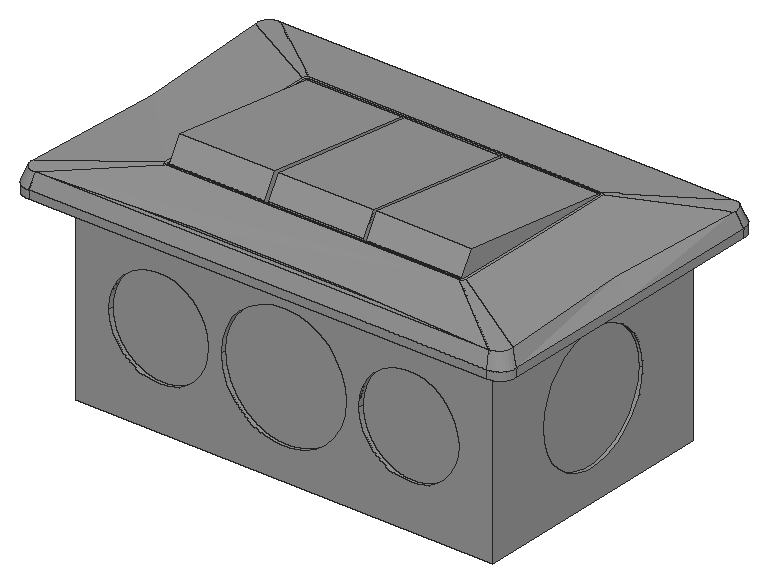
Revit family "PLACA VETO OSLO", category Electrical Fixtures, host Face, Revit 2023 (continued)
Definition of nested family "TOMACORRIENTES SIMPLE"
  Parameters (values of type "TOMACORRIENTES SIMPLE")
    ANCHO RECEPTACULO = 41.0 mm
    ANCHO CONECTOR 2 = 40.0 mm
    ANCHO CONECTOR 1 = 35.0 mm
    ANCHO BASE = 43.0 mm
  Reference planes
    plane 1 "Center (Front/Back)": y = 0
    plane 2: z = 0
    plane 3 "Center (Left/Right)": x = 0
    plane 4: x = -17.25
    plane 5: x = 17.25
    plane 6: y = -20.5
    plane 7: y = 20.5
    plane 8: y = 9.5
    plane 9: y = 6.9
    plane 10: y = -5
    plane 11: y = -9.5
    plane 12: y = -0.5
    plane 13: y = -1.5
    plane 14: y = -8.5
    plane 15 "PLANO 1": z = -5
    plane 16 "PLANO 3": z = -13
    plane 17: z = -12
    plane 18: z = 8
    plane 19: x = -7.5
    plane 20: x = -9.7
    plane 21: x = 3
    plane 22: x = 5.2
    plane 23: x = -4.9
    plane 24: x = 0.4
    plane 25: x = -2.25
    plane 26: y = 21.5
    plane 27: y = -21.5
    plane 28: x = 53.25
    plane 29: x = -17.75
    plane 30: y = 17.5
    plane 31: y = -17.5
    plane 32: y = -20
    plane 33: y = 20
    plane 34: x = -12.25
    plane 35: x = 9.25
    plane 36: x = 24.25
    plane 37: x = 52.75
    plane 38: x = 8.25
    plane 39: x = -11.25
    plane 40: z = -24
    plane 41: x = -1.5
    plane 42: x = 38.5
    plane 43: z = -25
    plane 44: z = -30
  Forms (mm)
    Extrusion 1, solid, material <- "MATERIAL_1"
      sketch origin (0, 0, 0) x (1, 0, 0) y (0, 1, 0)
        loop
          line (-17.25, 20.5) -> (-17.25, -20.5) -> (17.25, -20.5) -> (17.25, 20.5) -> (-17.25, 20.5)
        loop
          line (0.4, 9.5) -> (-4.9, 9.5) -> (-4.9, 6.9)
          arc (-4.9, 6.9) -> (-2.25, 4.25) -> (0.4, 6.9) r 2.65
          line (0.4, 6.9) -> (0.4, 9.5)
        loop
          line (5.2, -0.5) -> (3, -0.5) -> (3, -9.5) -> (5.2, -9.5) -> (5.2, -0.5)
        loop
          line (-7.5, -1.5) -> (-9.7, -1.5) -> (-9.7, -8.5) -> (-7.5, -8.5) -> (-7.5, -1.5)
      from 0 to 8
    Extrusion 2, solid, material <- "MATERIAL_1"
      sketch origin (0, 0, 0) x (1, 0, 0) y (0, 1, 0)
        loop
          line (-17.75, 21.5) -> (-17.75, -21.5) -> (53.25, -21.5) -> (53.25, 21.5) -> (-17.75, 21.5)
      from 0 to -5
    Extrusion 3, solid, material <- "MATERIAL_1"
      sketch origin (0, 0, 0) x (1, 0, 0) y (0, 1, 0)
        loop
          line (9.25, 17.5) -> (-12.25, 17.5) -> (-12.25, -17.5) -> (9.25, -17.5) -> (9.25, 17.5)
      from -5 to -13
    Extrusion 4, solid, material <- "MATERIAL_1"
      sketch origin (0, 0, 0) x (1, 0, 0) y (0, 1, 0)
        loop
          line (52.75, 20) -> (24.25, 20) -> (24.25, -20) -> (52.75, -20) -> (52.75, 20)
      from -5 to -12
    Extrusion 5, solid, material <- "MATERIAL_1"
      sketch origin (0, 0, -13) x (-1, 0, 0) y (0, -1, 0)
        loop
          line (11.25, -0.5) -> (11.25, 11) -> (-8.25, 11) -> (-8.25, -0.5) -> (11.25, -0.5)
      from 0 to -11
    Extrusion 6, solid, material <- "MATERIAL_1"
      sketch origin (0, 0, -13) x (-1, 0, 0) y (0, -1, 0)
        loop
          line (6.694, -12.5) -> (6.694, -3) -> (-3.694, -3) -> (-3.694, -12.5) -> (6.694, -12.5)
      from 0 to -12
    Extrusion 7, solid, material <- "MATERIAL_1"
      sketch origin (0, 0, -13) x (-1, 0, 0) y (0, -1, 0)
        loop
          line (-32.75, -14.5) -> (-32.75, 14.5) -> (-44.25, 14.5) -> (-44.25, -14.5) -> (-32.75, -14.5)
      from 1 to -17
  Dimensions and locks
    equal spacing: plane 4, plane 3 "Center (Left/Right)", plane 5
    equal spacing: plane 7, plane 1 "Center (Front/Back)", plane 6
    "ANCHO RECEPTACULO": plane 7 to plane 6
    "LONGITUD RECEPTACULO": plane 4 to plane 5
    equal spacing: plane 12, plane 10, plane 11
    equal spacing: plane 13, plane 10, plane 14
    "ESPESOR BASE": plane 2 to plane 15 "PLANO 1"
    "ESPESOR CONECTOR": plane 15 "PLANO 1" to plane 16 "PLANO 3"
    "ESPESOR": plane 18 to plane 2
    equal spacing: plane 23, plane 25, plane 24
    equal spacing: plane 19, plane 25, plane 21
    "LARGO NEGATIVO": plane 14 to plane 13
    "LARGO POSITIVO": plane 11 to plane 12
    equal spacing: plane 20, plane 25, plane 22
    "ANCHO RANURA": plane 21 to plane 22
    "SEP RANURAS": plane 19 to plane 21
    "SEP": plane 10 to plane 8
    "SEP BORDE 2": plane 4 to plane 25
    "SEP BORDE": plane 8 to plane 7
    "LARGO TIERRA": plane 9 to plane 8
    "ANCHO TIERRA": plane 23 to plane 24
    equal spacing: plane 26, plane 1 "Center (Front/Back)", plane 27
    "ANCHO BASE": plane 26 to plane 27
    "OFFSET": plane 29 to plane 4
    "LARGO BASE": plane 29 to plane 28
    equal spacing: plane 30, plane 1 "Center (Front/Back)", plane 31
    equal spacing: plane 33, plane 1 "Center (Front/Back)", plane 32
    "ANCHO CONECTOR 1": plane 30 to plane 31
    "ANCHO CONECTOR 2": plane 33 to plane 32
    "OFFSET": plane 37 to plane 28
    "LARGO CONECTOR 1": plane 34 to plane 35
    "OFFSET 2": plane 29 to plane 34
    "SEP 2": plane 35 to plane 36
    "ESPESOR CONECTOR 2": plane 15 "PLANO 1" to plane 17
    plane 34 to plane 35 = 21.5 mm
    "X1": plane 39 to plane 38
    "X2": Extrusion 5 sketch curve to Extrusion 5 sketch curve
    "X3": Extrusion 5 sketch curve to plane 31
    "Y1": plane 16 "PLANO 3" to plane 40
    "X5": Extrusion 6 sketch curve to Extrusion 6 sketch curve
    "X4": Extrusion 6 sketch curve to Extrusion 6 sketch curve
    equal spacing: plane 34, plane 41, plane 35
    equal spacing: plane 36, plane 42, plane 37
    equal spacing: plane 39, plane 41, plane 38
    equal spacing: Extrusion 6 sketch curve, plane 41, Extrusion 6 sketch curve
    "X6": plane 30 to Extrusion 6 sketch curve
    "Y2": plane 17 to plane 43
    equal spacing: Extrusion 7 sketch curve, plane 42, Extrusion 7 sketch curve
    equal spacing: Extrusion 7 sketch curve, plane 1 "Center (Front/Back)", Extrusion 7 sketch curve
    "X8": Extrusion 7 sketch curve to Extrusion 7 sketch curve
    "X7": Extrusion 7 sketch curve to Extrusion 7 sketch curve
    "Y3": plane 17 to plane 44
    aligned and locked: level to plane 2
    aligned and locked: Extrusion 1 sketch curve to plane 7
    aligned and locked: plane 6 to Extrusion 1 sketch curve
    aligned and locked: Extrusion 1 sketch curve to plane 5
    aligned and locked: Extrusion 1 sketch curve to plane 9
    aligned and locked: plane 11 to Extrusion 1 sketch curve
    aligned and locked: Extrusion 1 sketch curve to plane 12
    aligned and locked: plane 14 to Extrusion 1 sketch curve
    aligned and locked: Extrusion 1 sketch curve to plane 13
    aligned and locked: Extrusion 1 sketch curve to plane 8
    aligned and locked: plane 18 to Extrusion 1
    aligned and locked: Extrusion 1 to plane 2
    aligned and locked: plane 20 to Extrusion 1 sketch curve
    aligned and locked: Extrusion 1 sketch curve to plane 19
    aligned and locked: plane 21 to Extrusion 1 sketch curve
    aligned and locked: Extrusion 1 sketch curve to plane 22
    aligned and locked: plane 23 to Extrusion 1 sketch curve
    aligned and locked: Extrusion 1 sketch curve to plane 24
    aligned and locked: Extrusion 2 sketch curve to plane 26
    aligned and locked: plane 29 to Extrusion 2 sketch curve
    aligned and locked: plane 27 to Extrusion 2 sketch curve
    aligned and locked: Extrusion 2 sketch curve to plane 28
    aligned and locked: Extrusion 2 to plane 2
    aligned and locked: Extrusion 2 to plane 15 "PLANO 1"
    aligned and locked: Extrusion 3 to plane 15 "PLANO 1"
    aligned and locked: Extrusion 3 to plane 16 "PLANO 3"
    aligned and locked: plane 33 to Extrusion 4 sketch curve
    aligned and locked: plane 37 to Extrusion 4 sketch curve
    aligned and locked: Extrusion 4 sketch curve to plane 32
    aligned and locked: Extrusion 4 sketch curve to plane 36
    aligned and locked: plane 15 "PLANO 1" to Extrusion 4
    aligned and locked: Extrusion 4 to plane 17
    aligned and locked: plane 39 to Extrusion 5 sketch curve
    aligned and locked: Extrusion 5 sketch curve to plane 38
    aligned and locked: Extrusion 5 to plane 40
    aligned and locked: Extrusion 6 to plane 43
    aligned and locked: plane 17 to Extrusion 7
    aligned and locked: Extrusion 7 to plane 44
  Automatic sketch dimensions
    Extrusion 3 sketch curve to plane 30 = 0.0 mm
    Extrusion 3 sketch curve to plane 34 = 0.0 mm
    Extrusion 3 sketch curve to plane 31 = 0.0 mm
    Extrusion 3 sketch curve to plane 35 = 0.0 mm
    Extrusion 1 sketch curve to plane 4 = 0.0 mm
  Connectors
    electrical at (0, 0, 8)
      settings: on Extrusion 1, index 1, voltage 125 V, apparent load 0 VA, apparent load phase1 0 VA, apparent load phase2 0 VA, apparent load phase3 0 VA, power factor 1, load classification none, number of poles 1, system type 31, power factor state 1, is connector primary yes, connector utility no, sub classification motor no, connector description ""
Definition of nested family "TOMACORRIENTES GFCI"
  Parameters (values of type "TOMACORRIENTES GFCI")
    x = 10.0 mm
    Y = 5.0 mm
    X4 = 2.0 mm
    X3 = 27.0 mm
    X2 = 15.0 mm
    X1 = 5.0 mm
    SEP TIERRAS = 42.5 mm
    SEP TEST = 3.5 mm
    SEP RANURAS = 10.5 mm
    SEP BORDE = 2.5 mm
    SEP = 14.5 mm
    RADIO_2 = 4.0 mm
    RADIO_1 = 1.0 mm
    OFFSET = 1.0 mm
    MATERIAL_3 [instance] = none
    MATERIAL_2 [instance] = none
    MATERIAL_1 [instance] = none
    LONGITUD RECEPTACULO = 66.0 mm
    LARGO TIERRA = 2.6 mm
    LARGO POSITIVO = 9.0 mm
    LARGO NEGATIVO = 7.0 mm
    LARGO CONECTOR = 63.0 mm
    LARGO BASE = 68.5 mm
    INCLUIR EN LISTADO = no
    H4 = 1.2 mm
    H3 = 1.0 mm
    H2 = 3.0 mm
    H1 = 4.0 mm
    ESPESOR CONECTOR = 27.5 mm
    ESPESOR BASE = 6.5 mm
    ESPESOR = 8.0 mm
    E1 = 3.0 mm
    Default Elevation = 1219.2 mm
    BORDE TEST = 25.0 mm
    ANCHO TIERRA = 5.3 mm
    ANCHO TEST = 6.0 mm
    ANCHO RANURA = 2.2 mm
    ANCHO CONECTOR = 30.0 mm
    ANCHO BASE = 42.5 mm
    ANCHO RECEPTACULO = 36.0 mm
    A3 = 2.0 mm
    A2 = 8.243 mm
    A1 = 31.0 mm
  Reference planes
    plane 1 "Center (Front/Back)": y = 0
    plane 2: z = 0
    plane 3 "Center (Left/Right)": x = 0
    plane 4: x = -33
    plane 5: x = 33
    plane 6: y = -18
    plane 7: y = 18
    plane 8: x = -34.25
    plane 9: x = 34.25
    plane 10: y = 21.25
    plane 11: y = -21.25
    plane 12: y = 15
    plane 13: y = -15
    plane 14: y = 2.65
    plane 15: y = -2.65
    plane 16: x = -30.5
    plane 17: x = -27.9
    plane 18: x = -16
    plane 19: x = -11.5
    plane 20: x = -20.5
    plane 21: y = 7.45
    plane 22: y = 5.25
    plane 23: y = -5.25
    plane 24: y = -7.45
    plane 25: x = -19.5
    plane 26: x = -12.5
    plane 27: x = 12
    plane 28: x = 14.6
    plane 29: x = 22
    plane 30: x = 31
    plane 31: x = 23
    plane 32: x = 30
    plane 33: x = 26.5
    plane 34 "PLANO 1": z = -6.5
    plane 35: x = -31.5
    plane 36: x = 31.5
    plane 37: x = -29.25
    plane 38: x = -14.25
    plane 39: x = 12.75
    plane 40: x = 27.75
    plane 41: y = -16.25
    plane 42: y = 16.25
    plane 43 "PLANO 3": z = -34
    plane 44: z = 8
    plane 45: x = -2
    plane 46: x = -8
    plane 47: y = -6.35
    plane 48: y = 6.35
    plane 49: x = 1.5
    plane 50: x = 7.5
    plane 51: x = -27.25
    plane 52: x = -16.25
    plane 53: x = 14.75
    plane 54: x = 25.75
    plane 55: z = -16.5
    plane 56: z = 9
  Forms (mm)
    Extrusion 1, solid, material <- "MATERIAL_1"
      sketch origin (0, 0, 0) x (1, 0, 0) y (0, 1, 0)
        loop
          arc (-30.25, 21.25) -> (-33.078, 20.078) -> (-34.25, 17.25) r 4
          line (-34.25, 17.25) -> (-34.25, -17.25)
          arc (-34.25, -17.25) -> (-33.078, -20.078) -> (-30.25, -21.25) r 4
          line (-30.25, -21.25) -> (30.25, -21.25)
          arc (30.25, -21.25) -> (33.078, -20.078) -> (34.25, -17.25) r 4
          line (34.25, -17.25) -> (34.25, 17.25)
          arc (34.25, 17.25) -> (33.078, 20.078) -> (30.25, 21.25) r 4
          line (30.25, 21.25) -> (-30.25, 21.25)
      from 0 to -6.5
    Extrusion 2, solid, material <- "MATERIAL_1"
      sketch origin (0, 0, 0) x (1, 0, 0) y (0, 1, 0)
        loop
          arc (-32, 18) -> (-32.707, 17.707) -> (-33, 17) r 1
          line (-33, 17) -> (-33, -17)
          arc (-33, -17) -> (-32.707, -17.707) -> (-32, -18) r 1
          line (-32, -18) -> (32, -18)
          arc (32, -18) -> (32.707, -17.707) -> (33, -17) r 1
          line (33, -17) -> (33, 17)
          arc (33, 17) -> (32.707, 17.707) -> (32, 18) r 1
          line (32, 18) -> (-32, 18)
        loop
          line (-30.5, 2.65) -> (-30.5, -2.65) -> (-27.9, -2.65)
          arc (-27.9, -2.65) -> (-25.25, 0) -> (-27.9, 2.65) r 2.65
          line (-27.9, 2.65) -> (-30.5, 2.65)
        loop
          line (-20.5, 7.45) -> (-20.5, 5.25) -> (-11.5, 5.25) -> (-11.5, 7.45) -> (-20.5, 7.45)
        loop
          line (-19.5, -5.25) -> (-19.5, -7.45) -> (-12.5, -7.45) -> (-12.5, -5.25) -> (-19.5, -5.25)
        loop
          line (12, 2.65) -> (12, -2.65) -> (14.6, -2.65)
          arc (14.6, -2.65) -> (17.25, 0) -> (14.6, 2.65) r 2.65
          line (14.6, 2.65) -> (12, 2.65)
        loop
          line (22, 7.45) -> (22, 5.25) -> (31, 5.25) -> (31, 7.45) -> (22, 7.45)
        loop
          line (23, -5.25) -> (23, -7.45) -> (30, -7.45) -> (30, -5.25) -> (23, -5.25)
        loop
          line (-8, 6.35) -> (-8, -6.35) -> (-2, -6.35) -> (-2, 6.35) -> (-8, 6.35)
        loop
          line (1.5, 6.35) -> (1.5, -6.35) -> (7.5, -6.35) -> (7.5, 6.35) -> (1.5, 6.35)
      from 0 to 8
    Extrusion 3, solid, material <- "MATERIAL_2"
      sketch origin (0, 0, -6.5) x (-1, 0, 0) y (0, -1, 0)
        loop
          arc (34.25, 17.25) -> (33.078, 20.078) -> (30.25, 21.25) r 4
          line (30.25, 21.25) -> (29.25, 21.25) -> (27.25, 16.25) -> (16.25, 16.25) -> (14.25, 21.25) -> (-12.75, 21.25) -> (-14.75, 16.25) -> (-25.75, 16.25) -> (-27.75, 21.25) -> (-30.25, 21.25)
          arc (-30.25, 21.25) -> (-33.078, 20.078) -> (-34.25, 17.25) r 4
          line (-34.25, 17.25) -> (-34.25, -17.25)
          arc (-34.25, -17.25) -> (-33.078, -20.078) -> (-30.25, -21.25) r 4
          line (-30.25, -21.25) -> (-27.75, -21.25) -> (-25.75, -16.25) -> (-14.75, -16.25) -> (-12.75, -21.25) -> (14.25, -21.25) -> (16.25, -16.25) -> (27.25, -16.25) -> (29.25, -21.25) -> (30.25, -21.25)
          arc (30.25, -21.25) -> (33.078, -20.078) -> (34.25, -17.25) r 4
          line (34.25, -17.25) -> (34.25, 17.25)
      from 0 to -27.5
    Extrusion 4, solid, material <- "MATERIAL_2"
      sketch origin (0, 0, -6.5) x (-1, 0, 0) y (0, -1, 0)
        loop
          line (29.25, -21.25) -> (27.25, -16.25) -> (16.25, -16.25) -> (14.25, -21.25) -> (29.25, -21.25)
        loop
          line (-12.75, -21.25) -> (-14.75, -16.25) -> (-25.75, -16.25) -> (-27.75, -21.25) -> (-12.75, -21.25)
        loop
          line (29.25, 21.25) -> (14.25, 21.25) -> (16.25, 16.25) -> (27.25, 16.25) -> (29.25, 21.25)
        loop
          line (-12.75, 21.25) -> (-27.75, 21.25) -> (-25.75, 16.25) -> (-14.75, 16.25) -> (-12.75, 21.25)
      from 0 to -10
    Extrusion 5, solid, material <- "MATERIAL_2"
      sketch origin (0, 0, 0) x (1, 0, 0) y (0, 1, 0)
        loop
          line (-7.9, 6.25) -> (-7.9, -6.25) -> (-2.1, -6.25) -> (-2.1, 6.25) -> (-7.9, 6.25)
      from 0 to 8
    Extrusion 6, solid, material <- "MATERIAL_3"
      sketch origin (0, 0, 0) x (1, 0, 0) y (0, 1, 0)
        loop
          line (1.6, 6.25) -> (1.6, -6.25) -> (7.4, -6.25) -> (7.4, 6.25) -> (1.6, 6.25)
      from 0 to 9
  Cuts and joins
    joined: Extrusion 3, Extrusion 4
  Dimensions and locks
    equal spacing: plane 4, plane 3 "Center (Left/Right)", plane 5
    equal spacing: plane 7, plane 1 "Center (Front/Back)", plane 6
    "ANCHO RECEPTACULO": plane 7 to plane 6
    "LONGITUD RECEPTACULO": plane 4 to plane 5
    equal spacing: plane 10, plane 1 "Center (Front/Back)", plane 11
    equal spacing: plane 8, plane 3 "Center (Left/Right)", plane 9
    equal spacing: plane 12, plane 1 "Center (Front/Back)", plane 13
    equal spacing: plane 14, plane 1 "Center (Front/Back)", plane 15
    "SEP BORDE": plane 4 to plane 16
    "ANCHO TIERRA": plane 14 to plane 15
    "LARGO TIERRA": plane 16 to plane 17
    equal spacing: plane 20, plane 18, plane 19
    equal spacing: plane 25, plane 18, plane 26
    "LARGO POSITIVO": plane 20 to plane 19
    "LARGO NEGATIVO": plane 25 to plane 26
    equal spacing: plane 21, plane 1 "Center (Front/Back)", plane 24
    equal spacing: plane 22, plane 1 "Center (Front/Back)", plane 23
    "ANCHO RANURA": plane 21 to plane 22
    "SEP RANURAS": plane 22 to plane 23
    "SEP TIERRAS": plane 16 to plane 27
    "LARGO TIERRA": plane 27 to plane 28
    equal spacing: plane 29, plane 33, plane 30
    equal spacing: plane 31, plane 33, plane 32
    "LARGO POSITIVO": plane 29 to plane 30
    "LARGO NEGATIVO": plane 31 to plane 32
    "SEP": plane 27 to plane 33
    "SEP": plane 16 to plane 18
    "LARGO BASE": plane 8 to plane 9
    "ANCHO BASE": plane 10 to plane 11
    "ESPESOR BASE": plane 2 to plane 34 "PLANO 1"
    equal spacing: plane 35, plane 3 "Center (Left/Right)", plane 36
    "ANCHO CONECTOR": plane 12 to plane 13
    "LARGO CONECTOR": plane 35 to plane 36
    equal spacing: plane 42, plane 1 "Center (Front/Back)", plane 41
    "X2": plane 37 to plane 38
    "X2": plane 39 to plane 40
    "X3": plane 38 to plane 39
    "ESPESOR CONECTOR": plane 34 "PLANO 1" to plane 43 "PLANO 3"
    "ESPESOR": plane 44 to plane 2
    "ANCHO TEST": plane 46 to plane 45
    equal spacing: plane 48, plane 1 "Center (Front/Back)", plane 47
    equal spacing: plane 21, plane 48, plane 22
    "ANCHO TEST": plane 49 to plane 50
    "SEP TEST": plane 45 to plane 49
    "BORDE TEST": plane 4 to plane 46
    "Y": plane 10 to plane 42
    "X1": plane 8 to plane 37
    "X4": plane 37 to plane 51
    "X4": plane 52 to plane 38
    "X4": plane 39 to plane 53
    "X4": plane 54 to plane 40
    "x": plane 34 "PLANO 1" to plane 55
    "OFFSET": plane 56 to plane 44
    "RADIO_1": radius of Extrusion 2 sketch curve  (x4)
    "RADIO_2": radius of Extrusion 1 sketch curve  (x4)
    "RADIO_2": radius of Extrusion 3 sketch curve  (x4)
    aligned and locked: level to plane 2
    aligned and locked: Extrusion 1 sketch curve to plane 10
    aligned and locked: plane 8 to Extrusion 1 sketch curve
    aligned and locked: Extrusion 1 sketch curve to plane 11
    aligned and locked: Extrusion 1 sketch curve to plane 9
    aligned and locked: plane 2 to Extrusion 1
    aligned and locked: Extrusion 2 sketch curve to plane 7
    aligned and locked: plane 6 to Extrusion 2 sketch curve
    aligned and locked: Extrusion 2 sketch curve to plane 5
    aligned and locked: Extrusion 2 sketch curve to plane 14
    aligned and locked: plane 15 to Extrusion 2 sketch curve
    aligned and locked: plane 17 to Extrusion 2 sketch curve
    aligned and locked: Extrusion 2 sketch curve to plane 19
    aligned and locked: plane 20 to Extrusion 2 sketch curve
    aligned and locked: plane 21 to Extrusion 2 sketch curve  (x2)
    aligned and locked: plane 22 to Extrusion 2 sketch curve
    aligned and locked: Extrusion 2 sketch curve to plane 23
    aligned and locked: plane 24 to Extrusion 2 sketch curve
    aligned and locked: plane 26 to Extrusion 2 sketch curve
    aligned and locked: Extrusion 2 sketch curve to plane 25
    aligned and locked: plane 16 to Extrusion 2 sketch curve
    aligned and locked: Extrusion 2 sketch curve to plane 22
    aligned and locked: plane 23 to Extrusion 2 sketch curve
    aligned and locked: Extrusion 2 sketch curve to plane 24
    aligned and locked: Extrusion 2 sketch curve to plane 15
    aligned and locked: plane 14 to Extrusion 2 sketch curve
    aligned and locked: plane 27 to Extrusion 2 sketch curve
    aligned and locked: plane 28 to Extrusion 2 sketch curve
    aligned and locked: plane 31 to Extrusion 2 sketch curve
    aligned and locked: Extrusion 2 sketch curve to plane 32
    aligned and locked: plane 29 to Extrusion 2 sketch curve
    aligned and locked: Extrusion 2 sketch curve to plane 30
    aligned and locked: Extrusion 1 to plane 34 "PLANO 1"
    aligned and locked: Extrusion 3 to plane 43 "PLANO 3"
    aligned and locked: plane 34 "PLANO 1" to Extrusion 3
    aligned and locked: plane 44 to Extrusion 2
    aligned and locked: Extrusion 2 to plane 2
    aligned and locked: Extrusion 2 sketch curve to plane 45
    aligned and locked: plane 46 to Extrusion 2 sketch curve
    aligned and locked: Extrusion 2 sketch curve to plane 48
    aligned and locked: plane 47 to Extrusion 2 sketch curve
    aligned and locked: Extrusion 2 sketch curve to plane 47
    aligned and locked: plane 48 to Extrusion 2 sketch curve
    aligned and locked: Extrusion 2 sketch curve to plane 50
    aligned and locked: plane 49 to Extrusion 2 sketch curve
    aligned and locked: plane 8 to Extrusion 3 sketch curve
    aligned and locked: Extrusion 3 sketch curve to plane 9
    aligned and locked: Extrusion 3 sketch curve to plane 42  (x2)
    aligned and locked: plane 42 to Extrusion 3 sketch curve
    aligned and locked: plane 52 to Extrusion 3 sketch curve  (x2)
    aligned and locked: plane 51 to Extrusion 3 sketch curve  (x2)
    aligned and locked: plane 53 to Extrusion 3 sketch curve  (x2)
    aligned and locked: plane 54 to Extrusion 3 sketch curve  (x2)
    aligned and locked: Extrusion 3 sketch curve to plane 37
    aligned and locked: Extrusion 3 sketch curve to plane 11  (x3)
    aligned and locked: Extrusion 3 sketch curve to plane 41
    aligned and locked: Extrusion 3 sketch curve to plane 39
    aligned and locked: plane 40 to Extrusion 3 sketch curve
    aligned and locked: Extrusion 3 sketch curve to plane 38
    aligned and locked: Extrusion 3 sketch curve to plane 10  (x3)
    aligned and locked: plane 11 to Extrusion 4 sketch curve
    aligned and locked: Extrusion 4 sketch curve to plane 11
    aligned and locked: plane 10 to Extrusion 4 sketch curve  (x2)
    aligned and locked: Extrusion 4 sketch curve to Extrusion 3  (x12)
    aligned and locked: Extrusion 4 to plane 55
    aligned and locked: Extrusion 5 to plane 2
    aligned and locked: Extrusion 6 to plane 2
    aligned and locked: plane 44 to Extrusion 5
    aligned and locked: plane 56 to Extrusion 6
  Automatic sketch dimensions
    Extrusion 5 sketch curve to plane 3 "Center (Left/Right)" = 7.9 mm
    Extrusion 5 sketch curve to plane 3 "Center (Left/Right)" = 2.1 mm
    plane 1 "Center (Front/Back)" to Extrusion 5 sketch curve = 6.25 mm
    Extrusion 5 sketch curve to plane 1 "Center (Front/Back)" = 6.25 mm
    plane 3 "Center (Left/Right)" to Extrusion 6 sketch curve = 1.6 mm
    Extrusion 6 sketch curve to Extrusion 6 sketch curve = 5.8 mm
    plane 1 "Center (Front/Back)" to Extrusion 6 sketch curve = 6.25 mm
    Extrusion 6 sketch curve to plane 1 "Center (Front/Back)" = 6.25 mm
    Extrusion 2 sketch curve to plane 4 = 0.0 mm
    Extrusion 3 sketch curve to plane 40 = 0.0 mm
    Extrusion 3 sketch curve to plane 39 = 0.0 mm
    Extrusion 3 sketch curve to plane 38 = 0.0 mm
    Extrusion 3 sketch curve to plane 37 = 0.0 mm
    Extrusion 3 sketch curve to plane 41 = 0.0 mm
  Connectors
    electrical at (0, 0, 8)
      settings: on Extrusion 2, index 1, voltage 125 V, apparent load 0 VA, apparent load phase1 0 VA, apparent load phase2 0 VA, apparent load phase3 0 VA, power factor 1, load classification none, number of poles 1, system type 31, power factor state 1, is connector primary yes, connector utility no, sub classification motor no, connector description ""
Definition of nested family "TELEFONO"
  Parameters (values of type "TELEFONO")
    X3 = 6.0 mm
    X2 = 1.0 mm
    X1 = 6.5 mm
    T9 = 3.5 mm
    T8 = 2.0 mm
    T7 = 2.0 mm
    T6 = 1.5 mm
    T5 = 6.5 mm
    T4 = 6.0 mm
    T3 = 12.5 mm
    T2 = 10.0 mm
    T12 = 2.5 mm
    T11 = 4.0 mm
    T10 = 15.0 mm
    T1 = 4.0 mm
    RADIO_2 = 1.5 mm
    RADIO_1 = 1.0 mm
    PROFUNDIDAD RANURA = 14.0 mm
    MATERIAL_2 [instance] = none
    MATERIAL_1 [instance] = none
    LONGITUD RECEPTACULO = 65.0 mm
    LARGO CONECTOR = 18.5 mm
    LARGO SOCKET = 22.0 mm
    LARGO BASE = 66.0 mm
    INCLUIR EN LISTADO = no
    ESPESOR CONECTOR = 15.0 mm
    ESPESOR BASE = 6.5 mm
    ESPESOR = 8.0 mm
    Default Elevation = 1219.2 mm
    ANCHO CONECTOR = 17.0 mm
    ANCHO BASE = 36.5 mm
    ANCHO RECEPTACULO = 35.5 mm
    A2 = 3.0 mm
    A1 = 11.5 mm
  Reference planes
    plane 1 "Center (Front/Back)": y = 0
    plane 2: z = 0
    plane 3 "Center (Left/Right)": x = 0
    plane 4: x = -32.5
    plane 5: x = 32.5
    plane 6: y = -17.75
    plane 7: y = 17.75
    plane 8: x = -11
    plane 9: x = 11
    plane 10: y = 18.25
    plane 11: y = -18.25
    plane 12: y = 11.75
    plane 13: y = -5.25
    plane 14 "PLANO 1": z = -6.5
    plane 15: x = -9.25
    plane 16: x = 9.25
    plane 17 "PLANO 3": z = -21.5
    plane 18: x = -5.75
    plane 19: x = 5.75
    plane 20: y = -8.25
    plane 21: z = -15.5
    plane 22 "PLANO 4": z = 8
    plane 23: z = -6
    plane 24: z = 4
    plane 25: x = -33
    plane 26: x = 33
    plane 27: z = 1
  Forms (mm)
    Extrusion 1, solid, material <- "MATERIAL_1"
      sketch origin (0, 0, 0) x (1, 0, 0) y (0, 1, 0)
        loop
          line (-11, 18.25) -> (-11, -18.25) -> (11, -18.25) -> (11, 18.25) -> (-11, 18.25)
      from 0 to -6.5
    Extrusion 2, solid, material <- "MATERIAL_1"
      sketch origin (0, 0, 0) x (1, 0, 0) y (0, 1, 0)
        loop
          arc (-31.5, 17.75) -> (-32.207, 17.457) -> (-32.5, 16.75) r 1
          line (-32.5, 16.75) -> (-32.5, -16.75)
          arc (-32.5, -16.75) -> (-32.207, -17.457) -> (-31.5, -17.75) r 1
          line (-31.5, -17.75) -> (31.5, -17.75)
          arc (31.5, -17.75) -> (32.207, -17.457) -> (32.5, -16.75) r 1
          line (32.5, -16.75) -> (32.5, 16.75)
          arc (32.5, 16.75) -> (32.207, 17.457) -> (31.5, 17.75) r 1
          line (31.5, 17.75) -> (-31.5, 17.75)
      from 1 to 8
    Extrusion 3, solid, material <- "MATERIAL_1"
      sketch origin (0, 0, -6.5) x (-1, 0, 0) y (0, -1, 0)
        loop
          line (9.25, -11.75) -> (9.25, 5.25) -> (-9.25, 5.25) -> (-9.25, -11.75) -> (9.25, -11.75)
      from 0 to -15
    Extrusion 4, solid, material <- "MATERIAL_2"
      sketch origin (23.294, 0, -21.5) x (-1, 0, 0) y (0, -1, 0)
        loop
          line (29.044, 5.25) -> (29.044, 8.25) -> (17.544, 8.25) -> (17.544, 5.25) -> (29.044, 5.25)
      from 15 to 6
    Extrusion 5, void
      sketch origin (0, 0, 8) x (-1, 0, 0) y (0, -1, 0)
        loop
          line (2, -11.75) -> (2, -10.25) -> (3.25, -10.25) -> (3.25, -8.75) -> (5, -8.75) -> (5, -6.75) -> (6.25, -6.75) -> (6.25, -3.25) -> (5, -3.25) -> (5, -1.25) -> (-5, -1.25) -> (-5, -3.25) -> (-6.25, -3.25) -> (-6.25, -6.75) -> (-5, -6.75) -> (-5, -8.75) -> (-3.25, -8.75) -> (-3.25, -10.25) -> (-2, -10.25) -> (-2, -11.75) -> (2, -11.75)
      from -14 to 0
    Extrusion 6, solid, material <- "MATERIAL_1"
      sketch origin (0, 0, 8) x (-1, 0, 0) y (0, -1, 0)
        loop
          arc (31.5, -18.25) -> (32.561, -17.811) -> (33, -16.75) r 1.5
          line (33, -16.75) -> (33, 16.75)
          arc (33, 16.75) -> (32.561, 17.811) -> (31.5, 18.25) r 1.5
          line (31.5, 18.25) -> (-31.5, 18.25)
          arc (-31.5, 18.25) -> (-32.561, 17.811) -> (-33, 16.75) r 1.5
          line (-33, 16.75) -> (-33, -16.75)
          arc (-33, -16.75) -> (-32.561, -17.811) -> (-31.5, -18.25) r 1.5
          line (-31.5, -18.25) -> (31.5, -18.25)
      from -8 to -7
    Blend 7, void
      base sketch origin (0, 0, 8) x (-1, 0, 0) y (0, -1, 0)
        loop
          line (6.25, -11.75) -> (6.25, -1.25) -> (-6.25, -1.25) -> (-6.25, -11.75) -> (6.25, -11.75)
      top sketch origin (0, 0, 8) x (-1, 0, 0) y (0, -1, 0)
        loop
          line (7.5, -15.25) -> (7.5, -0.25) -> (-7.5, -0.25) -> (-7.5, -15.25) -> (7.5, -15.25)
      from -4 to 0
  Cuts and joins
    Extrusion 5 cuts Extrusion 1
    Extrusion 5, Blend 7 cuts Extrusion 2
    Extrusion 5 cuts Extrusion 6
    joined: Extrusion 1, Extrusion 2, Extrusion 6
  Dimensions and locks
    equal spacing: plane 4, plane 3 "Center (Left/Right)", plane 5
    equal spacing: plane 7, plane 1 "Center (Front/Back)", plane 6
    "ANCHO RECEPTACULO": plane 7 to plane 6
    "LONGITUD RECEPTACULO": plane 4 to plane 5
    equal spacing: plane 10, plane 1 "Center (Front/Back)", plane 11
    equal spacing: plane 8, plane 3 "Center (Left/Right)", plane 9
    "LARGO SOCKET": plane 8 to plane 9
    "ANCHO BASE": plane 10 to plane 11
    "ESPESOR BASE": plane 2 to plane 14 "PLANO 1"
    equal spacing: plane 15, plane 3 "Center (Left/Right)", plane 16
    "ANCHO CONECTOR": plane 12 to plane 13
    "LARGO CONECTOR": plane 15 to plane 16
    "ESPESOR CONECTOR": plane 14 "PLANO 1" to plane 17 "PLANO 3"
    "ESPESOR": plane 22 "PLANO 4" to plane 2
    "PROFUNDIDAD RANURA": plane 22 "PLANO 4" to plane 23
    equal spacing: Extrusion 5 sketch curve, plane 3 "Center (Left/Right)", Extrusion 5 sketch curve  (x4)
    "T2": Extrusion 5 sketch curve to Extrusion 5 sketch curve
    "T1": Extrusion 5 sketch curve to Extrusion 5 sketch curve
    "T5": Extrusion 5 sketch curve to Extrusion 5 sketch curve
    "T3": Extrusion 5 sketch curve to Extrusion 5 sketch curve
    "T6": Extrusion 5 sketch curve to Extrusion 5 sketch curve  (x2)
    "T8": Extrusion 5 sketch curve to Extrusion 5 sketch curve
    "T7": Extrusion 5 sketch curve to Extrusion 5 sketch curve
    "T9": Extrusion 5 sketch curve to Extrusion 5 sketch curve
    "T11": plane 22 "PLANO 4" to plane 24
    "T4": plane 7 to Extrusion 5 sketch curve
    "X1": plane 10 to plane 12
    equal spacing: plane 25, plane 3 "Center (Left/Right)", plane 26
    "X2": plane 27 to plane 2
    equal spacing: plane 18, plane 3 "Center (Left/Right)", plane 19
    "A1": plane 18 to plane 19
    "A2": plane 13 to plane 20
    "X3": plane 21 to plane 17 "PLANO 3"
    "LARGO BASE": plane 25 to plane 26
    equal spacing: Blend 7 sketch curve, plane 3 "Center (Left/Right)", Blend 7 sketch curve  (x2)
    "T10": Blend 7 sketch curve to Blend 7 sketch curve  (x2)
    "T12": plane 7 to Blend 7 sketch curve
    "RADIO_1": radius of Extrusion 2 sketch curve  (x4)
    "RADIO_2": radius of Extrusion 6 sketch curve  (x4)
    aligned and locked: level to plane 2
    aligned and locked: Extrusion 1 sketch curve to plane 10
    aligned and locked: plane 8 to Extrusion 1 sketch curve
    aligned and locked: plane 11 to Extrusion 1 sketch curve
    aligned and locked: Extrusion 1 sketch curve to plane 9
    aligned and locked: plane 2 to Extrusion 1
    aligned and locked: Extrusion 2 sketch curve to plane 7
    aligned and locked: plane 6 to Extrusion 2 sketch curve
    aligned and locked: Extrusion 2 sketch curve to plane 5
    aligned and locked: Extrusion 1 to plane 14 "PLANO 1"
    aligned and locked: Extrusion 3 to plane 17 "PLANO 3"
    aligned and locked: plane 14 "PLANO 1" to Extrusion 3
    aligned and locked: plane 20 to Extrusion 4 sketch curve
    aligned and locked: Extrusion 4 sketch curve to plane 19
    aligned and locked: Extrusion 4 sketch curve to plane 18
    aligned and locked: Extrusion 4 to plane 21
    aligned and locked: plane 22 "PLANO 4" to Extrusion 2
    aligned and locked: Extrusion 5 sketch curve to Extrusion 5 sketch curve  (x6)
    aligned and locked: Extrusion 3 sketch curve to plane 12
    aligned and locked: plane 15 to Extrusion 3 sketch curve
    aligned and locked: plane 13 to Extrusion 3 sketch curve
    aligned and locked: Extrusion 3 sketch curve to plane 16
    aligned and locked: Extrusion 6 sketch curve to plane 10
    aligned and locked: plane 25 to Extrusion 6 sketch curve
    aligned and locked: Extrusion 6 sketch curve to plane 11
    aligned and locked: Extrusion 6 sketch curve to plane 26
    aligned and locked: Extrusion 6 to plane 2
    aligned and locked: Extrusion 6 to plane 27
    aligned and locked: plane 14 "PLANO 1" to Extrusion 4
    aligned and locked: Extrusion 4 sketch curve to plane 13
    aligned and locked: Blend 7 sketch curve to cut or joined group of Extrusion 1, Extrusion 2, Extrusion 5, Extrusion 6, Blend 7  (x3)
    aligned and locked: Blend 7 to plane 24
    aligned and locked: plane 22 "PLANO 4" to Blend 7
  Automatic sketch dimensions
    Extrusion 2 sketch curve to plane 4 = 0.0 mm
  Connectors
    electrical at (0, 0, 8)
      settings: on Extrusion 2, index 1, voltage 125 V, apparent load 0 VA, apparent load phase1 0 VA, apparent load phase2 0 VA, apparent load phase3 0 VA, power factor 1, load classification none, number of poles 1, system type 9, power factor state 1, is connector primary yes, connector utility no, sub classification motor no, connector description ""
Definition of nested family "TV"
  Parameters (values of type "TV")
    RC = 1.0 mm
    PROFUNDIDAD RANURA = 10.0 mm
    MATERIAL_2 [instance] = none
    MATERIAL_1 [instance] = none
    MATERIAL 3 = none
    LONGITUD RECEPTACULO = 65.0 mm
    LARGO CONECTOR = 10.0 mm
    INCLUIR EN LISTADO = no
    ESPESOR BASE = 3.0 mm
    ESPESOR = 8.0 mm
    Default Elevation = 1219.2 mm
    ANCHO RECEPTACULO = 35.5 mm
    ET = 1.5 mm
  Reference planes
    plane 1 "Center (Front/Back)": y = 0
    plane 2: z = 0
    plane 3 "Center (Left/Right)": x = 0
    plane 4: x = -32.5
    plane 5: x = 32.5
    plane 6: y = -17.75
    plane 7: y = 17.75
    plane 8 "PLANO 1": z = -3
    plane 9 "PLANO 3": z = -13
    plane 10: z = -4.5
    plane 11 "PLANO 4": z = 8
    plane 12 "plano 5": z = -2
    plane 13 "plano 6": z = 0
  Forms (mm)
    Extrusion 1, solid, material <- "MATERIAL_1"
      sketch origin (0, 0, 0) x (1, 0, 0) y (0, 1, 0)
        loop
          circle (0, 0) r 9.25
      from 0 to -3
    Extrusion 2, solid, material <- "MATERIAL_1"
      sketch origin (0, 0, 0) x (1, 0, 0) y (0, 1, 0)
        loop
          arc (-31.5, 17.75) -> (-32.207, 17.457) -> (-32.5, 16.75) r 1
          line (-32.5, 16.75) -> (-32.5, -16.75)
          arc (-32.5, -16.75) -> (-32.207, -17.457) -> (-31.5, -17.75) r 1
          line (-31.5, -17.75) -> (31.5, -17.75)
          arc (31.5, -17.75) -> (32.207, -17.457) -> (32.5, -16.75) r 1
          line (32.5, -16.75) -> (32.5, 16.75)
          arc (32.5, 16.75) -> (32.207, 17.457) -> (31.5, 17.75) r 1
          line (31.5, 17.75) -> (-31.5, 17.75)
      from 0 to 8
    Extrusion 3, solid, material <- "MATERIAL 3"
      sketch origin (0, 0, -3) x (-1, 0, 0) y (0, -1, 0)
        loop
          circle (0, 0) r 4.5
      from 0 to -10
    Extrusion 4, void
      sketch origin (0, 0, 9) x (-1, 0, 0) y (0, -1, 0)
        loop
          circle (0, 0) r 8.25
      from -10 to 0
    Extrusion 5, solid, material <- "MATERIAL 3"
      sketch origin (0, 0, -2) x (-1, 0, 0) y (0, -1, 0)
        loop
          line (-5, -2.887) -> (0, -5.774) -> (5, -2.887) -> (5, 2.887) -> (0, 5.774) -> (-5, 2.887) -> (-5, -2.887)
      from 0 to 2
    Extrusion 6, solid, material <- "MATERIAL 3"
      sketch origin (0, 0, 0) x (-1, 0, 0) y (0, -1, 0)
        loop
          circle (0, 0) r 4.5
      from 0 to 8
    Extrusion 7, solid, material <- "MATERIAL 3"
      sketch origin (0, 0, -3) x (-1, 0, 0) y (0, -1, 0)
        loop
          line (-5, -2.887) -> (0, -5.774) -> (5, -2.887) -> (5, 2.887) -> (0, 5.774) -> (-5, 2.887) -> (-5, -2.887)
        loop
          circle (0, 0) r 4.5
      from 0 to -1.5
  Cuts and joins
    Extrusion 4 cuts Extrusion 1
    Extrusion 4 cuts Extrusion 2
    joined: Extrusion 1, Extrusion 2
  Dimensions and locks
    equal spacing: plane 4, plane 3 "Center (Left/Right)", plane 5
    equal spacing: plane 7, plane 1 "Center (Front/Back)", plane 6
    "ANCHO RECEPTACULO": plane 7 to plane 6
    "LONGITUD RECEPTACULO": plane 4 to plane 5
    "ESPESOR BASE": plane 2 to plane 8 "PLANO 1"
    "ESPESOR": plane 11 "PLANO 4" to plane 2
    "PROFUNDIDAD RANURA": plane 11 "PLANO 4" to plane 12 "plano 5"
    "ET": plane 10 to plane 8 "PLANO 1"
    "LARGO CONECTOR": plane 8 "PLANO 1" to plane 9 "PLANO 3"
    "RC": radius of Extrusion 2 sketch curve  (x4)
    aligned and locked: level to plane 2
    aligned and locked: plane 2 to Extrusion 1
    aligned and locked: Extrusion 2 sketch curve to plane 7
    aligned and locked: plane 6 to Extrusion 2 sketch curve
    aligned and locked: Extrusion 2 sketch curve to plane 5
    aligned and locked: Extrusion 1 to plane 8 "PLANO 1"
    aligned and locked: Extrusion 3 to plane 9 "PLANO 3"
    aligned and locked: plane 8 "PLANO 1" to Extrusion 3
    aligned and locked: plane 11 "PLANO 4" to Extrusion 2
    aligned and locked: Extrusion 2 to plane 2
    aligned and locked: Extrusion 5 to plane 12 "plano 5"
    aligned and locked: plane 13 "plano 6" to Extrusion 5
    aligned and locked: Extrusion 6 to plane 13 "plano 6"
    aligned and locked: plane 11 "PLANO 4" to Extrusion 6
    aligned and locked: Extrusion 7 to plane 10
  Automatic sketch dimensions
    plane 1 "Center (Front/Back)" to Extrusion 4 sketch curve = 0.0 mm
    Extrusion 4 sketch curve to plane 3 "Center (Left/Right)" = 0.0 mm
    plane 1 "Center (Front/Back)" to Extrusion 6 sketch curve = 0.0 mm
    Extrusion 6 sketch curve to plane 3 "Center (Left/Right)" = 0.0 mm
    Extrusion 5 sketch curve to plane 3 "Center (Left/Right)" = 0.0 mm  (x2)
    plane 3 "Center (Left/Right)" to Extrusion 5 sketch curve = 5.0 mm
    Extrusion 5 sketch curve to plane 3 "Center (Left/Right)" = 5.0 mm
    plane 1 "Center (Front/Back)" to Extrusion 5 sketch curve = 2.887 mm  (x2)
    Extrusion 5 sketch curve to Extrusion 5 sketch curve = 2.887 mm
    Extrusion 5 sketch curve to plane 1 "Center (Front/Back)" = 5.774 mm
    Extrusion 5 sketch curve to plane 1 "Center (Front/Back)" = 2.887 mm  (x2)
    plane 1 "Center (Front/Back)" to Extrusion 1 sketch curve = 0.0 mm
    Extrusion 1 sketch curve to plane 3 "Center (Left/Right)" = 0.0 mm
    plane 1 "Center (Front/Back)" to Extrusion 3 sketch curve = 0.0 mm
    Extrusion 3 sketch curve to plane 3 "Center (Left/Right)" = 0.0 mm
    Extrusion 7 sketch curve to plane 3 "Center (Left/Right)" = 0.0 mm  (x3)
    plane 1 "Center (Front/Back)" to Extrusion 7 sketch curve = 0.0 mm
    plane 3 "Center (Left/Right)" to Extrusion 7 sketch curve = 5.0 mm
    Extrusion 7 sketch curve to plane 3 "Center (Left/Right)" = 5.0 mm
    Extrusion 7 sketch curve to plane 1 "Center (Front/Back)" = 2.887 mm  (x2)
    Extrusion 7 sketch curve to Extrusion 7 sketch curve = 2.887 mm  (x2)
    plane 1 "Center (Front/Back)" to Extrusion 7 sketch curve = 2.887 mm  (x2)
    Extrusion 2 sketch curve to plane 4 = 0.0 mm
    radius of Extrusion 4 sketch curve = 8.25 mm
    radius of Extrusion 1 sketch curve = 9.25 mm
    radius of Extrusion 3 sketch curve = 4.5 mm
    radius of Extrusion 6 sketch curve = 4.5 mm
    radius of Extrusion 7 sketch curve = 4.5 mm
  Connectors
    electrical at (0, 0, 8)
      settings: on Extrusion 2, index 1, voltage 125 V, apparent load 0 VA, apparent load phase1 0 VA, apparent load phase2 0 VA, apparent load phase3 0 VA, power factor 1, load classification none, number of poles 1, system type 5, power factor state 1, is connector primary yes, connector utility no, sub classification motor no, connector description ""
Definition of nested family "ZUMBADOR"
  Parameters (values of type "ZUMBADOR")
    SEP RANURAS = 1.6 mm
    SEP BORDE = 2.0 mm
    RADIO_3 = 1.5 mm
    RADIO_2 = 1.1 mm
    RADIO_1 = 1.0 mm
    PROFUNDIDAD RANURA = 2.0 mm
    OFFSET = 0.1 mm
    MATERIAL_2 [instance] = none
    MATERIAL_1 [instance] = none
    LONGITUD = 65.0 mm
    LARGO ZUMBADOR = 40.8 mm
    LARGO CONECTOR = 50.0 mm
    LARGO BASE = 66.0 mm
    INCLUIR EN LISTADO = no
    ESPESOR CONECTOR = 10.0 mm
    ESPESOR BASE = 3.0 mm
    ESPESOR = 8.0 mm
    Default Elevation = 1219.2 mm
    ANCHO ZUMBADOR = 18.0 mm
    ANCHO RANURA = 1.6 mm
    ANCHO CONECTOR = 26.0 mm
    ANCHO BASE = 36.5 mm
    ANCHO = 35.5 mm
  Reference planes
    plane 1 "Center (Front/Back)": y = 0
    plane 2: z = 0
    plane 3 "Center (Left/Right)": x = 0
    plane 4: x = -32.5
    plane 5: x = 32.5
    plane 6: y = -17.75
    plane 7: y = 17.75
    plane 8: x = -33
    plane 9: x = 33
    plane 10: y = 18.25
    plane 11: y = -18.25
    plane 12: y = 13
    plane 13: y = -13
    plane 14 "PLANO 1": z = -3
    plane 15: x = -25
    plane 16: x = 25
    plane 17 "PLANO 3": z = -13
    plane 18 "PLANO 4": z = 8
    plane 19: y = 7
    plane 20: y = -7
    plane 21: x = -18.4
    plane 22: x = -16.8
    plane 23: z = 6
    plane 24: y = 9
    plane 25: y = -9
    plane 26: x = 20.4
    plane 27: x = -20.4
    plane 28: x = 18.4
  Forms (mm)
    Extrusion 1, solid, material <- "MATERIAL_1"
      sketch origin (0, 0, 0) x (1, 0, 0) y (0, 1, 0)
        loop
          arc (-31.5, 18.25) -> (-32.561, 17.811) -> (-33, 16.75) r 1.5
          line (-33, 16.75) -> (-33, -16.75)
          arc (-33, -16.75) -> (-32.561, -17.811) -> (-31.5, -18.25) r 1.5
          line (-31.5, -18.25) -> (31.5, -18.25)
          arc (31.5, -18.25) -> (32.561, -17.811) -> (33, -16.75) r 1.5
          line (33, -16.75) -> (33, 16.75)
          arc (33, 16.75) -> (32.561, 17.811) -> (31.5, 18.25) r 1.5
          line (31.5, 18.25) -> (-31.5, 18.25)
      from 0 to -3
    Extrusion 2, solid, material <- "MATERIAL_1"
      sketch origin (0, 0, 0) x (1, 0, 0) y (0, 1, 0)
        loop
          arc (-31.5, 17.75) -> (-32.207, 17.457) -> (-32.5, 16.75) r 1
          line (-32.5, 16.75) -> (-32.5, -16.75)
          arc (-32.5, -16.75) -> (-32.207, -17.457) -> (-31.5, -17.75) r 1
          line (-31.5, -17.75) -> (31.5, -17.75)
          arc (31.5, -17.75) -> (32.207, -17.457) -> (32.5, -16.75) r 1
          line (32.5, -16.75) -> (32.5, 16.75)
          arc (32.5, 16.75) -> (32.207, 17.457) -> (31.5, 17.75) r 1
          line (31.5, 17.75) -> (-31.5, 17.75)
        loop
          arc (-19.4, 9) -> (-20.107, 8.707) -> (-20.4, 8) r 1
          line (-20.4, 8) -> (-20.4, -8)
          arc (-20.4, -8) -> (-20.107, -8.707) -> (-19.4, -9) r 1
          line (-19.4, -9) -> (19.4, -9)
          arc (19.4, -9) -> (20.107, -8.707) -> (20.4, -8) r 1
          line (20.4, -8) -> (20.4, 8)
          arc (20.4, 8) -> (20.107, 8.707) -> (19.4, 9) r 1
          line (19.4, 9) -> (-19.4, 9)
      from 0 to 8
    Extrusion 3, solid, material <- "MATERIAL_1"
      sketch origin (0, 0, -3) x (-1, 0, 0) y (0, -1, 0)
        loop
          line (25, -13) -> (25, 13) -> (-25, 13) -> (-25, -13) -> (25, -13)
      from 0 to -10
    Extrusion 4, void
      sketch origin (0, 0, 8) x (-1, 0, 0) y (0, -1, 0)
        loop
          line (18.4, -7) -> (18.4, 7) -> (16.8, 7) -> (16.8, -7) -> (18.4, -7)
        loop
          line (-16.8, -7) -> (-16.8, 7) -> (-18.4, 7) -> (-18.4, -7) -> (-16.8, -7)
        loop
          line (15.2, -7) -> (15.2, 7) -> (13.6, 7) -> (13.6, -7) -> (15.2, -7)
        loop
          line (12, -7) -> (12, 7) -> (10.4, 7) -> (10.4, -7) -> (12, -7)
        loop
          line (8.8, -7) -> (8.8, 7) -> (7.2, 7) -> (7.2, -7) -> (8.8, -7)
        loop
          line (5.6, -7) -> (5.6, 7) -> (4, 7) -> (4, -7) -> (5.6, -7)
        loop
          line (2.4, -7) -> (2.4, 7) -> (0.8, 7) -> (0.8, -7) -> (2.4, -7)
        loop
          line (-15.2, 7) -> (-15.2, -7) -> (-13.6, -7) -> (-13.6, 7) -> (-15.2, 7)
        loop
          line (-12, 7) -> (-12, -7) -> (-10.4, -7) -> (-10.4, 7) -> (-12, 7)
        loop
          line (-8.8, 7) -> (-8.8, -7) -> (-7.2, -7) -> (-7.2, 7) -> (-8.8, 7)
        loop
          line (-5.6, 7) -> (-5.6, -7) -> (-4, -7) -> (-4, 7) -> (-5.6, 7)
        loop
          line (-2.4, 7) -> (-2.4, -7) -> (-0.8, -7) -> (-0.8, 7) -> (-2.4, 7)
      from -2 to 0
    Extrusion 5, solid, material <- "MATERIAL_1"
      sketch origin (0, 0, 8) x (-1, 0, 0) y (0, -1, 0)
        loop
          arc (19.2, -8.9) -> (19.978, -8.578) -> (20.3, -7.8) r 1.1
          line (20.3, -7.8) -> (20.3, 7.8)
          arc (20.3, 7.8) -> (19.978, 8.578) -> (19.2, 8.9) r 1.1
          line (19.2, 8.9) -> (-19.2, 8.9)
          arc (-19.2, 8.9) -> (-19.978, 8.578) -> (-20.3, 7.8) r 1.1
          line (-20.3, 7.8) -> (-20.3, -7.8)
          arc (-20.3, -7.8) -> (-19.978, -8.578) -> (-19.2, -8.9) r 1.1
          line (-19.2, -8.9) -> (19.2, -8.9)
      from -8 to 0
  Cuts and joins
    Extrusion 4 cuts Extrusion 5
  Dimensions and locks
    equal spacing: plane 4, plane 3 "Center (Left/Right)", plane 5
    equal spacing: plane 7, plane 1 "Center (Front/Back)", plane 6
    "ANCHO": plane 7 to plane 6
    "LONGITUD": plane 4 to plane 5
    equal spacing: plane 10, plane 1 "Center (Front/Back)", plane 11
    equal spacing: plane 8, plane 3 "Center (Left/Right)", plane 9
    equal spacing: plane 12, plane 1 "Center (Front/Back)", plane 13
    "LARGO BASE": plane 8 to plane 9
    "ANCHO BASE": plane 10 to plane 11
    "ESPESOR BASE": plane 2 to plane 14 "PLANO 1"
    equal spacing: plane 15, plane 3 "Center (Left/Right)", plane 16
    "ANCHO CONECTOR": plane 12 to plane 13
    "LARGO CONECTOR": plane 15 to plane 16
    "ESPESOR CONECTOR": plane 14 "PLANO 1" to plane 17 "PLANO 3"
    "ESPESOR": plane 18 "PLANO 4" to plane 2
    equal spacing: plane 19, plane 1 "Center (Front/Back)", plane 20
    "PROFUNDIDAD RANURA": plane 18 "PLANO 4" to plane 23
    equal spacing: plane 27, plane 3 "Center (Left/Right)", plane 26
    "LARGO ZUMBADOR": plane 27 to plane 26
    equal spacing: plane 24, plane 1 "Center (Front/Back)", plane 25
    "ANCHO ZUMBADOR": plane 24 to plane 25
    "SEP BORDE": plane 27 to plane 21
    "ANCHO RANURA": plane 21 to plane 22
    "SEP BORDE": plane 24 to plane 19
    equal spacing: plane 21, plane 3 "Center (Left/Right)", plane 28
    "ANCHO RANURA": Extrusion 4 sketch curve to Extrusion 4 sketch curve  (x10)
    "SEP RANURAS": Extrusion 4 sketch curve to Extrusion 4 sketch curve  (x11)
    "OFFSET": plane 27 to Extrusion 5 sketch curve
    "OFFSET": Extrusion 5 sketch curve to Extrusion 2  (x3)
    "RADIO_1": radius of Extrusion 2 sketch curve  (x8)
    "RADIO_2": radius of Extrusion 5 sketch curve  (x4)
    "RADIO_3": radius of Extrusion 1 sketch curve  (x4)
    aligned and locked: level to plane 2
    aligned and locked: Extrusion 1 sketch curve to plane 10
    aligned and locked: plane 8 to Extrusion 1 sketch curve
    aligned and locked: Extrusion 1 sketch curve to plane 11
    aligned and locked: Extrusion 1 sketch curve to plane 9
    aligned and locked: plane 2 to Extrusion 1
    aligned and locked: Extrusion 2 sketch curve to plane 7
    aligned and locked: plane 6 to Extrusion 2 sketch curve
    aligned and locked: Extrusion 2 sketch curve to plane 5
    aligned and locked: Extrusion 1 to plane 14 "PLANO 1"
    aligned and locked: Extrusion 3 to plane 17 "PLANO 3"
    aligned and locked: plane 14 "PLANO 1" to Extrusion 3
    aligned and locked: plane 18 "PLANO 4" to Extrusion 2
    aligned and locked: Extrusion 2 to plane 2
    aligned and locked: Extrusion 4 sketch curve to plane 19  (x12)
    aligned and locked: plane 20 to Extrusion 4 sketch curve  (x7)
    aligned and locked: Extrusion 4 sketch curve to plane 21
    aligned and locked: plane 22 to Extrusion 4 sketch curve
    aligned and locked: plane 24 to Extrusion 2
    aligned and locked: plane 27 to Extrusion 2
    aligned and locked: plane 25 to Extrusion 2
    aligned and locked: plane 26 to Extrusion 2
    aligned and locked: Extrusion 4 sketch curve to plane 28
    aligned and locked: Extrusion 4 sketch curve to plane 20  (x5)
    aligned and locked: Extrusion 5 to plane 2
    aligned and locked: plane 18 "PLANO 4" to Extrusion 5
    aligned and locked: Extrusion 3 sketch curve to plane 12
    aligned and locked: plane 15 to Extrusion 3 sketch curve
    aligned and locked: plane 13 to Extrusion 3 sketch curve
    aligned and locked: Extrusion 3 sketch curve to plane 16
  Automatic sketch dimensions
    Extrusion 1 sketch curve to plane 7 = 1.0 mm
    Extrusion 2 sketch curve to plane 4 = 0.0 mm
    Extrusion 2 sketch curve to plane 27 = 0.0 mm
    Extrusion 2 sketch curve to plane 24 = 0.0 mm
    Extrusion 2 sketch curve to plane 25 = 0.0 mm
    Extrusion 2 sketch curve to plane 26 = 0.0 mm
  Connectors
    electrical at (0, 0, 8)
      settings: on Extrusion 2, index 1, voltage 125 V, apparent load 0 VA, apparent load phase1 0 VA, apparent load phase2 0 VA, apparent load phase3 0 VA, power factor 1, load classification none, number of poles 1, system type 12, power factor state 1, is connector primary yes, connector utility no, sub classification motor no, connector description ""
Definition of nested family "SIMBOLO INTERRUPTOR TRIPLE"
  Reference planes
    plane 1 "Center (Front/Back)": y = 0
    plane 2: z = 0
    plane 3 "Center (Left/Right)": x = 0
  Lines and regions (mm)
    detail lines, in view "Ref. Level"
      curve 1: circle (0, 0, 0) r 100 normal (0, 0, 1)
      curve 2: line (147.916, 317.208, 0) -> (202.295, 291.851, 0)
      curve 3: line (126.785, 271.892, 0) -> (181.164, 246.535, 0)
      curve 4: line (42.262, 90.631, 0) -> (147.916, 317.208, 0)
      curve 5: line (105.655, 226.577, 0) -> (160.033, 201.22, 0)
Definition of nested family "SIMBOLO INTERRUPTOR SIMPLE"
  Reference planes
    plane 1 "Center (Front/Back)": y = 0
    plane 2: z = 0
    plane 3 "Center (Left/Right)": x = 0
  Lines and regions (mm)
    detail lines, in view "Ref. Level"
      curve 1: circle (0, 0, 0) r 100 normal (0, 0, 1)
      curve 2: line (147.916, 317.208, 0) -> (202.295, 291.851, 0)
      curve 3: line (42.262, 90.631, 0) -> (147.916, 317.208, 0)
Definition of nested family "SIMBOLO INTERRUPTOR DOBLE"
  Reference planes
    plane 1 "Center (Front/Back)": y = 0
    plane 2: z = 0
    plane 3 "Center (Left/Right)": x = 0
  Lines and regions (mm)
    detail lines, in view "Ref. Level"
      curve 1: circle (0, 0, 0) r 100 normal (0, 0, 1)
      curve 2: line (147.916, 317.208, 0) -> (202.295, 291.851, 0)
      curve 3: line (126.785, 271.892, 0) -> (181.164, 246.535, 0)
      curve 4: line (42.262, 90.631, 0) -> (147.916, 317.208, 0)
Definition of nested family "SIMBOLO INTERRUPTOR - COLOMBIA"
  Reference planes
    plane 1 "Center (Front/Back)": y = 0
    plane 2: z = 0
    plane 3 "Center (Left/Right)": x = 0
  Lines and regions (mm)
    detail lines, in view "Ref. Level"
      curve 1: circle (0, 0, 0) r 100 normal (0, 0, 1)
      curve 2: line (42.262, 90.631, 0) -> (147.916, 317.208, 0)
Definition of nested family "SIMBOLO CONMUTADOR - COLOMBIA"
  Reference planes
    plane 1 "Center (Front/Back)": y = 0
    plane 2: z = 0
    plane 3 "Center (Left/Right)": x = 0
  Lines and regions (mm)
    detail lines, in view "Ref. Level"
      curve 1: circle (0, 0, 0) r 100 normal (0, 0, 1)
      curve 2: line (42.262, 90.631, 0) -> (147.916, 317.208, 0)
      curve 3: line (147.916, 317.208, 0) -> (190.343, 274.781, 0)
      curve 4: line (-42.262, 90.631, 0) -> (-147.916, 317.208, 0)
      curve 5: line (-147.916, 317.208, 0) -> (-190.343, 274.781, 0)
Definition of nested family "SIMBOLO TIMBRE"
  Reference planes
    plane 1 "Center (Front/Back)": y = 0
    plane 2: z = 0
    plane 3 "Center (Left/Right)": x = 0
  Lines and regions (mm)
    detail lines, in view "Ref. Level"
      curve 1: circle (0, 0, 0) r 100 normal (0, 0, 1)
      curve 2: circle (0, 0, 0) r 50 normal (0, 0, 1)
Definition of nested family "SIMBOLO INTERRUPTOR - MEXICO"
  Reference planes
    plane 1 "Center (Front/Back)": y = 0
    plane 2: z = 0
    plane 3 "Center (Left/Right)": x = 0
  Lines and regions (mm)
    Filled region 1, type "Concrete", in view "Ref. Level"
      outline origin (0, 0, 0) x (1, 0, 0) y (0, 1, 0)
        loop
          circle (-35.653, 35.653) r 10
    Filled region 2, type "Concrete", in view "Ref. Level"
      outline origin (0, 0, 0) x (1, 0, 0) y (0, 1, 0)
        loop
          circle (35.653, -35.653) r 10
    detail lines, in view "Ref. Level"
      curve 1: circle (0, 0, 0) r 100 normal (0, 0, 1)
      curve 2: line (70.711, 70.711, 0) -> (-70.711, -70.711, 0)
Definition of nested family "SIMBOLO CONMUTADOR - MEXICO"
  Reference planes
    plane 1 "Center (Front/Back)": y = 0
    plane 2: z = 0
    plane 3 "Center (Left/Right)": x = 0
  Lines and regions (mm)
    Filled region 1, type "Concrete", in view "Ref. Level"
      outline origin (0, 0, 0) x (1, 0, 0) y (0, 1, 0)
        loop
          circle (-51.962, 30) r 10
    Filled region 2, type "Concrete", in view "Ref. Level"
      outline origin (0, 0, 0) x (0.866025, -0.5, 0) y (0.5, 0.866025, 0)
        loop
          circle (30, -51.962) r 10
    Filled region 3, type "Concrete", in view "Ref. Level"
      outline origin (0, 0, 0) x (-0.5, -0.866025, 0) y (0.866025, -0.5, 0)
        loop
          circle (-51.962, 30) r 10
    detail lines, in view "Ref. Level"
      curve 1: circle (0, 0, 0) r 100 normal (0, 0, 1)
      curve 2: line (-86.603, -50, 0) -> (0, 0, 0)
      curve 3: line (0, 0, 0) -> (0, 100, 0)
      curve 4: line (86.603, -50, 0) -> (0, 0, 0)
Definition of nested family "SIMBOLO TIMBRE MEXICO"
  Reference planes
    plane 1 "Center (Front/Back)": y = 0
    plane 2: z = 0
    plane 3 "Center (Left/Right)": x = 0
  Lines and regions (mm)
    Filled region 1, type "Concrete", in view "Ref. Level"
      outline origin (0, 0, 0) x (1, 0, 0) y (0, 1, 0)
        loop
          circle (0, 0) r 30
    detail lines, in view "Ref. Level"
      curve 1: circle (0, 0, 0) r 100 normal (0, 0, 1)
Definition of nested family "SIMBOLO TOMACORRIENTE PISO"
  Reference planes
    plane 1 "Center (Front/Back)": y = 0
    plane 2: z = 0
    plane 3 "Center (Left/Right)": x = 0
  Lines and regions (mm)
    detail lines, in view "Ref. Level"
      curve 1: circle (0, 0, 0) r 100 normal (0, 0, 1)
      curve 2: line (91.652, 40, 0) -> (-91.652, 40, 0)
      curve 3: line (91.652, -40, 0) -> (-91.652, -40, 0)
      curve 4: line (-106.609, 107.53, 0) -> (-106.609, -107.53, 0)
      curve 5: line (-106.609, -107.53, 0) -> (106.609, -107.53, 0)
      curve 6: line (106.609, -107.53, 0) -> (106.609, 107.53, 0)
      curve 7: line (106.609, 107.53, 0) -> (-106.609, 107.53, 0)
  Dimensions and locks
    equal spacing: curve 4, plane 3 "Center (Left/Right)", curve 6
    equal spacing: curve 7, plane 1 "Center (Front/Back)", curve 5
Definition of nested family "SIMBOLO TOMACORRIENTE PARED - COLOMBIA"
  Reference planes
    plane 1 "Center (Front/Back)": y = 0
    plane 2: z = 0
    plane 3 "Center (Left/Right)": x = 0
  Lines and regions (mm)
    Filled region 1, type "Concrete", in view "Ref. Level"
      outline origin (-10.063, -14.425, 0) x (1, 0, 0) y (0, 1, 0)
        loop
          line (99.063, -47.575) -> (99.063, -50.575) -> (110.063, -50.575) -> (110.063, -80.575) -> (113.063, -80.575) -> (113.063, -50.575) -> (124.063, -50.575) -> (124.063, -47.575) -> (99.063, -47.575)
    detail lines, in view "Ref. Level"
      curve 1: circle (0, 0, 0) r 100 normal (0, 0, 1)
      curve 2: line (91.652, 40, 0) -> (-153.348, 40, 0)
      curve 3: line (91.652, -40, 0) -> (-153.348, -40, 0)
Definition of nested family "SIMBOLO CONMUTADOR TRIPLE - ECUADOR"
  Reference planes
    plane 1 "Center (Front/Back)": y = 0
    plane 2: z = 0
    plane 3 "Center (Left/Right)": x = 0
  Lines and regions (mm)
    detail lines, in view "Ref. Level"
      curve 1: circle (0, 0, 0) r 100 normal (0, 0, 1)
      curve 2: line (147.916, 317.208, 0) -> (202.295, 291.851, 0)
      curve 3: line (126.785, 271.892, 0) -> (181.164, 246.535, 0)
      curve 4: line (42.262, 90.631, 0) -> (147.916, 317.208, 0)
      curve 5: line (105.655, 226.577, 0) -> (160.033, 201.22, 0)
      curve 6: line (-147.916, 317.208, 0) -> (-202.295, 291.851, 0)
      curve 7: line (-126.785, 271.892, 0) -> (-181.164, 246.535, 0)
      curve 8: line (-42.262, 90.631, 0) -> (-147.916, 317.208, 0)
      curve 9: line (-105.655, 226.577, 0) -> (-160.033, 201.22, 0)
